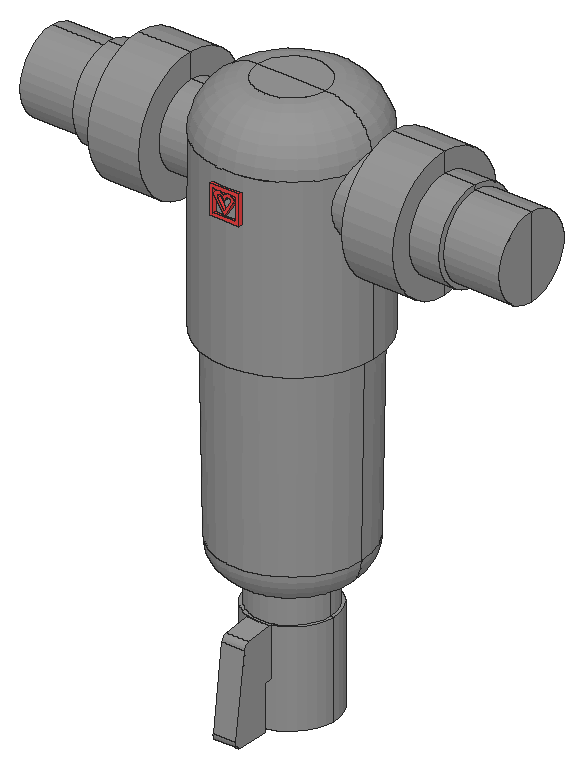
Revit family "HERZ Water Filter For Hot Water 0554", category Rohrzubehör, Revit 2021
Family settings
  Bemaßung runder Anschluss = Durchmesser verwenden
  Teiletyp = Unterbricht
  OmniClass-Nummer = 23.65.55.14
  OmniClass-Titel = Valves for Liquid Services
  Arbeitsebenenbasiert = Nein
  Immer vertikal = Ja
  Beim Laden mit Abzugskörper schneiden = Nein
  Gemeinsam genutzt = Nein
Parameters
  W02 = 88.00°  # constant formula
  W01 = 89.00°  # constant formula
  Vorgabe-Ansicht = 0.000 mm
  VRS01 = 10.000 mm  # constant formula
  SC_NennweiteBerechnet = 0
  SC_Dimension = ""
  SCTWSEQ = "FI;SBT_TYP_FI=\"FI\";2"
  SCTWCODE = "02;00;02"  # constant formula
  S01 [instance] = (L02 + VRL01 + VRL02) - (L01 / 2)  # 30.500 mm
  Model = "Filter for hot water with body made of brass and bowl of Trogamid."
  Medium = "Water"  # constant formula
  Max. operating temperature = 60 °C  # constant formula
  Max. operating pressure = 1600000.0 Pa  # constant formula
  Bowl = "plastic Trogamid"  # constant formula
  Note = "Pursuant to Article 33 of the REACH Regulation (EC No. 1907/2006), we are obliged to point out that the material lead is listed on the SVHC list and that all brass components manufactured in our products exceed 0.1% (w / w) lead (CAS: 7439-92-1 / EINECS: 231-100-4).\r\nSince lead is a component part of an alloy, actual exposure is not possible and therefore no additional information on safe use is necessary."
  GT [instance] = size_lookup("0554_", "GT", 1.000 mm, Nennweite)  # 17.500 mm
  VRL02 [instance] = size_lookup("0554_", "VRL2", 1.000 mm, Nennweite)  # 27.000 mm
  VRL01 [instance] = size_lookup("0554_", "VRL1", 1.000 mm, Nennweite)  # 16.000 mm
  VRD02 [instance] = size_lookup("0554_", "VRD2", 1.000 mm, Nennweite)  # 14.000 mm
  VRD01 [instance] = size_lookup("0554_", "VRD1", 1.000 mm, Nennweite)  # 20.000 mm
  URL = "www.herzvalves.com"
  T01 = 1.000 mm  # constant formula
  R02 = 8.000 mm  # constant formula
  R01 = 12.500 mm  # constant formula
  Nennweite [instance] = 25.000 mm
  Cartridge = "stainless steel, mesh size 100 μm"  # constant formula
  D02 = 22.750 mm  # constant formula
  L02 [instance] = size_lookup("0554_", "L2", 1.000 mm, Nennweite)  # 31.500 mm
  L01 [instance] = size_lookup("0554_", "L1", 1.000 mm, Nennweite)  # 88.000 mm
  Hersteller = "HERZ Armaturen Ges.m.b.H."  # constant formula
  H04 = 151.000 mm  # constant formula
  H03 = 67.500 mm  # constant formula
  H02 = 45.500 mm  # constant formula
  H01 = 24.000 mm  # constant formula
  Body = "brass, CW617N"  # constant formula
  Part number [instance] = if(Nennweite = 15.000 mm, "I055401", if(Nennweite = 20.000 mm, "I055402", if(Nennweite = 25.000 mm, "I055403", "0")))  # "I055403"
  Application = "The HERZ-Water filter is used in house entrance installations for potable water to protect the potable water against contamination.\r\nIn this way the proper functioning of the system is ensured.\r\nDue to its compact design, the filter can be installed wherever space is restricted."
  AG [instance] = Nennweite / 2  # 12.500 mm
  D01 = 25.500 mm  # constant formula
Reference planes
  plane 1 "Mitte (Vorne/hinten)": y = 0
  plane 2: z = 0
  plane 3 "Mitte (Links/rechts)": x = 0
Forms (mm)
  Revolve 1, solid, material "Messing, weicher Gelbton, geschweißt", detail levels fine
    sketch origin (0, 0, 0) x (1, 0, 0) y (0, 0, 1)
      loop
        line (-44, 0) -> (44, 0) -> (44, 12.5) -> (-44, 12.5) -> (-44, 0)
      axis (-44, 0) -> (44, 0)
    angle from 0 to 360
  Revolve 2, solid, material "Messing, weicher Gelbton, geschweißt", detail levels fine
    sketch origin (0, 0, 0) x (1, 0, 0) y (0, 0, 1)
      loop
        line (-31.5, 0) -> (-31.5, 20) -> (-47.5, 20) -> (-47.5, 14) -> (-57, 14) -> (-57, 12.5) -> (-74.5, 12.5) -> (-74.5, 0) -> (-31.5, 0)
      axis (-74.5, 0) -> (-31.5, 0)
    angle from 0 to 360
  Revolve 3, solid, material "Messing, weicher Gelbton, geschweißt", detail levels fine
    sketch origin (0, 0, 0) x (-1, 0, 0) y (0, 0, 1)
      loop
        line (-31.5, 0) -> (-31.5, 20) -> (-47.5, 20) -> (-47.5, 14) -> (-57, 14) -> (-57, 12.5) -> (-74.5, 12.5) -> (-74.5, 0) -> (-31.5, 0)
      axis (-74.5, 0) -> (-31.5, 0)
    angle from 0 to 360
  Revolve 4, solid, material "Messing, weicher Gelbton, geschweißt", detail levels fine
    sketch origin (0, 0, 0) x (1, 0, 0) y (0, 0, 1)
      loop
        line (0, -45.5) -> (0, 24) -> (-10.5, 24)
        arc (-10.5, 24) -> (-21.107, 19.607) -> (-25.5, 9) r 15
        line (-25.5, 9) -> (-25.5, -45.5) -> (0, -45.5)
      axis (0, 24) -> (0, -45.5)
    angle from 0 to 360
  Revolve 5, solid, material "ABS-Kunststoff", detail levels fine
    sketch origin (0, 0, 0) x (1, 0, 0) y (0, 0, 1)
      loop
        line (0, -45.5) -> (-22.75, -45.5) -> (-21.744, -103.156)
        arc (-21.744, -103.156) -> (-19.193, -109.695) -> (-13, -113) r 10.114
        line (-13, -113) -> (0, -113) -> (0, -45.5)
      axis (0, -45.5) -> (0, -113)
    angle from 0 to 360
  Revolve 6, solid, material "Aluminium 3003-H16", detail levels fine
    sketch origin (0, 0, 0) x (1, 0, 0) y (0, 0, 1)
      loop
        line (-13.007, -151) -> (0, -151) -> (0, -113) -> (-12.007, -113) -> (-12.007, -122) -> (-13.007, -122) -> (-13.007, -151)
      axis (0, -113) -> (0, -151)
    angle from 0 to 360
  Extrusion 7, solid, material "Acetalharz, Schwarz", detail levels fine
    sketch origin (0, 0, 0) x (0, 1, 0) y (0, 0, 1)
      loop
        line (-15.045, -151) -> (-15.045, -137.8)
        arc (-15.045, -137.8) -> (-14.81, -137.234) -> (-14.245, -137) r 0.8
        line (-14.245, -137) -> (0, -137) -> (0, -122) -> (-12.995, -122) -> (-20.95, -122.837)
        arc (-20.95, -122.837) -> (-22.128, -123.386) -> (-22.72, -124.543) r 2
        line (-22.72, -124.543) -> (-26.174, -148.717)
        arc (-26.174, -148.717) -> (-25.705, -150.31) -> (-24.194, -151) r 2
        line (-24.194, -151) -> (-15.045, -151)
    from 3.5 to -3.5
Lines and regions (mm)
  model lines, detail levels coarse+medium
    curve 1: line (-44, 0, 24) -> (-44, 0, -24)
    curve 2: line (-44, 0, -24) -> (44, 0, -24)
    curve 3: line (44, 0, -24) -> (44, 0, 24)
    curve 4: line (44, 0, 24) -> (-44, 0, 24)
    curve 5: line (44, 0, 24) -> (12.5, 0, 0)
    curve 6: line (12.5, 0, 0) -> (44, 0, -24)
    curve 7: line (44, 0, 24) -> (54, 0, 24)
    curve 8: line (54, 0, 24) -> (44, 0, 0)
    curve 9: line (44, 0, -24) -> (54, 0, -24)
    curve 10: line (54, 0, -24) -> (44, 0, 0)
    curve 11: line (44, 0, 0) -> (74.5, 0, 0)
    curve 12: line (-44, 0, 24) -> (-54, 0, 24)
    curve 13: line (-54, 0, 24) -> (-44, 0, 0)
    curve 14: line (-44, 0, -24) -> (-54, 0, -24)
    curve 15: line (-54, 0, -24) -> (-44, 0, 0)
    curve 16: line (-44, 0, 0) -> (-74.5, 0, 0)
    curve 17: line (-44, -24, 0) -> (44, -24, 0)
    curve 18: line (-44, 24, 0) -> (-44, -24, 0)
    curve 19: line (44, 24, 0) -> (-44, 24, 0)
    curve 20: line (44, -24, 0) -> (44, 24, 0)
    curve 21: line (44, 24, 0) -> (8.232, 0, 0)
    curve 22: line (8.232, 0, 0) -> (44, -24, 0)
    curve 23: line (44, 24, 0) -> (54, 24, 0)
    curve 24: line (54, 24, 0) -> (44, 0, 0)
    curve 25: line (44, -24, 0) -> (54, -24, 0)
    curve 26: line (54, -24, 0) -> (44, 0, 0)
    curve 27: line (-44, 24, 0) -> (-54, 24, 0)
    curve 28: line (-54, 24, 0) -> (-44, 0, 0)
    curve 29: line (-44, -24, 0) -> (-54, -24, 0)
    curve 30: line (-54, -24, 0) -> (-44, 0, 0)
Dimensions and locks
  "L01": Revolve 1 sketch curve to Revolve 1 sketch curve
  equal spacing: Revolve 1 sketch curve, plane 3 "Mitte (Links/rechts)", Revolve 1 sketch curve
  "R01": Revolve 1 sketch curve to plane 2
  "L02": plane 3 "Mitte (Links/rechts)" to Revolve 2 sketch curve
  "VRL01": Revolve 2 sketch curve to Revolve 2 sketch curve
  "VRL02": Revolve 2 sketch curve to Revolve 2 sketch curve
  "GT": Revolve 2 sketch curve to Revolve 2 sketch curve
  "VRD01": Revolve 2 sketch curve to Revolve 2 sketch curve
  "VRD02": Revolve 2 sketch curve to Revolve 2 sketch curve
  "AG": Revolve 2 sketch curve to Revolve 2 sketch curve
  "VRL01": Revolve 3 sketch curve to Revolve 3 sketch curve
  "VRL02": Revolve 3 sketch curve to Revolve 3 sketch curve
  "GT": Revolve 3 sketch curve to Revolve 3 sketch curve
  "VRD01": Revolve 3 sketch curve to Revolve 3 sketch curve
  "VRD02": Revolve 3 sketch curve to Revolve 3 sketch curve
  "AG": Revolve 3 sketch curve to Revolve 3 sketch curve
  "L02": Revolve 3 sketch curve to plane 3 "Mitte (Links/rechts)"
  "H01": Revolve 4 sketch curve to plane 2
  "D01": Revolve 4 sketch curve to Revolve 4 sketch curve
  "H02": plane 2 to Revolve 4 sketch curve
  "D02": Revolve 5 sketch curve to Revolve 5 sketch curve
  "H02": plane 2 to Revolve 5 sketch curve
  "H03": Revolve 5 sketch curve to Revolve 5 sketch curve
  "H04": plane 2 to Revolve 6 sketch curve
  "D01": nested 1 to plane 1 "Mitte (Vorne/hinten)"
  equal spacing: curve 1, plane 3 "Mitte (Links/rechts)", curve 3
  "H01": curve 4 to level to curve 2
  "L01": curve 1 to curve 3
  "L02": curve 3 to curve 6
  "VRS01": curve 8 to curve 3
  "VRS01": curve 10 to curve 3
  "S01": curve 11 to curve 3
  "VRS01": curve 13 to curve 1
  "VRS01": curve 15 to curve 1
  "S01": curve 16 to Revolve 1
  "L01": curve 18 to curve 20
  equal spacing: curve 18, plane 3 "Mitte (Links/rechts)", curve 20
  "H01": curve 19 to plane 1 "Mitte (Vorne/hinten)" to curve 17
  "VRS01": curve 20 to curve 24
  "VRS01": curve 20 to curve 26
  "VRS01": curve 28 to curve 18
  "VRS01": curve 30 to curve 18
  "W01": angle Revolve 5 sketch curve to Revolve 4
  aligned and locked: level to plane 2
Automatic sketch dimensions
  Extrusion 7 sketch curve to plane 1 "Mitte (Vorne/hinten)" = 0.000 mm
  plane 1 "Mitte (Vorne/hinten)" to Extrusion 7 sketch curve = 12.995 mm
  plane 1 "Mitte (Vorne/hinten)" to Extrusion 7 sketch curve = 14.245 mm
  Extrusion 7 sketch curve to Extrusion 7 sketch curve = 0.800 mm
  Extrusion 7 sketch curve to Extrusion 7 sketch curve = 7.746 mm
  Extrusion 7 sketch curve to Extrusion 7 sketch curve = 0.209 mm
  Extrusion 7 sketch curve to Extrusion 7 sketch curve = 1.980 mm  (x2)
  Extrusion 7 sketch curve to Extrusion 7 sketch curve = 9.149 mm
  Extrusion 7 sketch curve to level = 151.000 mm
  Extrusion 7 sketch curve to Extrusion 7 sketch curve = 2.000 mm
  Extrusion 7 sketch curve to Extrusion 7 sketch curve = 13.200 mm
  Extrusion 7 sketch curve to Extrusion 7 sketch curve = 12.174 mm
  Extrusion 7 sketch curve to Extrusion 7 sketch curve = 0.283 mm
  Extrusion 7 sketch curve to Extrusion 7 sketch curve = 15.000 mm
  curve 15 to level = 0.000 mm
  curve 11 to level = 0.000 mm
  curve 8 to level = 0.000 mm
  curve 5 to level = 0.000 mm
  plane 1 "Mitte (Vorne/hinten)" to curve 22 = 0.000 mm
  plane 1 "Mitte (Vorne/hinten)" to curve 28 = 0.000 mm
  plane 1 "Mitte (Vorne/hinten)" to curve 24 = 0.000 mm
  plane 1 "Mitte (Vorne/hinten)" to curve 26 = 0.000 mm
  plane 3 "Mitte (Links/rechts)" to curve 22 = 8.232 mm
  Revolve 1 sketch curve to level = 0.000 mm  (x2)
  Revolve 1 sketch curve to Revolve 1 sketch curve = 1474.830 mm
  Revolve 1 sketch curve to Revolve 1 sketch curve = 1807.448 mm
  Revolve 2 sketch curve to level = 0.000 mm  (x2)
  Revolve 2 sketch curve to Revolve 2 sketch curve = 1440.530 mm
  plane 3 "Mitte (Links/rechts)" to Revolve 2 sketch curve = 1839.148 mm
  Revolve 3 sketch curve to level = 0.000 mm  (x2)
  Revolve 3 sketch curve to Revolve 3 sketch curve = 1440.530 mm
  plane 3 "Mitte (Links/rechts)" to Revolve 3 sketch curve = 1839.148 mm
  Revolve 4 sketch curve to plane 3 "Mitte (Links/rechts)" = 0.000 mm  (x2)
  level to Revolve 4 sketch curve = 9.000 mm
  Revolve 4 sketch curve to Revolve 4 sketch curve = 320.545 mm
  Revolve 4 sketch curve to Revolve 4 sketch curve = 2190.315 mm
  Revolve 5 sketch curve to plane 3 "Mitte (Links/rechts)" = 0.000 mm  (x2)
  Revolve 5 sketch curve to plane 3 "Mitte (Links/rechts)" = 21.744 mm
  Revolve 5 sketch curve to Revolve 5 sketch curve = 13.000 mm
  Revolve 5 sketch curve to Revolve 5 sketch curve = 10.112 mm
  Revolve 5 sketch curve to Revolve 5 sketch curve = 255.045 mm
  level to Revolve 5 sketch curve = 2214.315 mm
  Revolve 6 sketch curve to plane 3 "Mitte (Links/rechts)" = 0.000 mm  (x2)
  Revolve 6 sketch curve to plane 3 "Mitte (Links/rechts)" = 12.007 mm
  Revolve 6 sketch curve to plane 3 "Mitte (Links/rechts)" = 13.007 mm
  Revolve 6 sketch curve to Revolve 6 sketch curve = 29.000 mm
  Revolve 6 sketch curve to Revolve 6 sketch curve = 9.000 mm
  Revolve 6 sketch curve to Revolve 6 sketch curve = 192.045 mm
  level to Revolve 6 sketch curve = 2214.315 mm
Nested families
  nested 1: "Herz-Logo-vorne" at (0, -25.5, 0) x (0, 1, 0) z (0, 0, 1), type "Herz-Logo-vorne", detail levels fine
Connectors
  piping at (-74.5, 0, 0), diameter 25, driven by "Nennweite"
    settings: on Revolve 2, index 1, connector inside diameter 609.6 mm, connector length 0.000 mm, flow factor 0, pipe flow 0.0 L/s, pressure drop 0.0 Pa, fitting loss kfactor 0, connector angle 0.00°, fixture units 0, engagement length 0.000 mm, angle of deflection 0.00°, flow configuration 0, flow direction 1, fitting loss method 0, system type 19, joint type 0, gender type 0, connector reference index -1, connector utility 0, adjustable connector no, is connector primary yes, connector description ""
  piping at (74.5, 0, 0), diameter 25, driven by "Nennweite"
    settings: on Revolve 3, index 2, connector inside diameter 609.6 mm, connector length 0.000 mm, flow factor 0, pipe flow 0.0 L/s, pressure drop 0.0 Pa, fitting loss kfactor 0, connector angle 0.00°, fixture units 0, engagement length 0.000 mm, angle of deflection 0.00°, flow configuration 0, flow direction 2, fitting loss method 0, system type 19, joint type 0, gender type 0, connector reference index -1, connector utility 0, adjustable connector no, is connector primary no, connector description ""
Definition of nested family "Herz-Logo-vorne"
  Parameters (values of type "Herz-Logo-vorne")
    Default Elevation = 0.000 mm
  Reference planes
    plane 1 "Mitte (Vorne/hinten)": y = 0
    plane 2: z = 0
    plane 3 "Mitte (Links/rechts)": x = 0
  Forms (mm)
    Extrusion 1, solid
      sketch origin (0.732, -0.018, 0.017) x (0, -1, 0) y (0, 0, 1)
        loop
          line (-0.018, -4.517) -> (4.482, -4.517) -> (4.482, 4.483) -> (-4.518, 4.483) -> (-4.518, -4.517) -> (-0.018, -4.517)
        loop
          line (-0.05, -3.48) -> (3.482, -3.48) -> (3.482, 3.483) -> (-3.518, 3.483) -> (-3.518, -3.48) -> (-0.05, -3.48)
        loop
          arc (-0.018, 2.383) -> (-1.543, 3.287) -> (-3.067, 2.383) r 1.738
          arc (-3.067, 2.383) -> (-3.191, 1.899) -> (-3.067, 1.415) r 1.009
          line (-3.067, 1.415) -> (-0.018, -3.281) -> (3.032, 1.415)
          arc (3.032, 1.415) -> (3.156, 1.899) -> (3.032, 2.383) r 1.009
          arc (3.032, 2.383) -> (1.507, 3.287) -> (-0.018, 2.383) r 1.738
        loop
          arc (1.885, 1.272) -> (2.005, 1.675) -> (1.885, 2.079) r 0.74
          arc (1.885, 2.079) -> (1.265, 2.416) -> (0.644, 2.079) r 0.74
          line (0.644, 2.079) -> (-0.018, 0.97) -> (-0.679, 2.079)
          arc (-0.679, 2.079) -> (-1.3, 2.416) -> (-1.921, 2.079) r 0.74
          arc (-1.921, 2.079) -> (-2.04, 1.675) -> (-1.921, 1.272) r 0.74
          line (-1.921, 1.272) -> (-0.018, -1.658) -> (1.885, 1.272)
      from 0 to 1.5
  Dimensions and locks
    aligned and locked: level to plane 2
